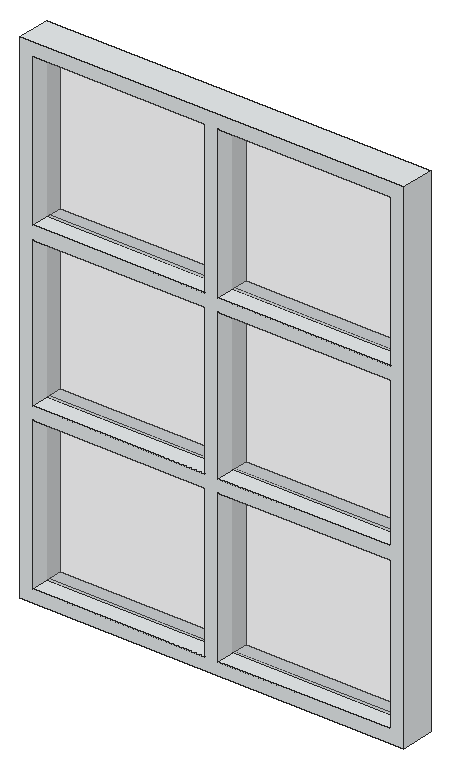
Revit family "Janela_Fachada_6Painel_Sime", category Windows, host Wall, Revit 2020
Family settings
  Host = Wall
  OmniClass Number = 23.30.20.00
  OmniClass Title = Windows
  Always vertical = Yes
  Cut with Voids When Loaded = No
  Shared = No
  Room Calculation Point = No
Parameters (values of type "JAN_FAC_6PA_SIM")
  Material_Vidro = CT_Vidros
  Material_Esquadria = CT_Esquadrias_Aluminio
  Height = 2.950 m
  Espess_Esquadria = 0.075 m
  Define Thermal Properties by = Schematic Type
  Default Sill Height = 0.800 m
  Wall Closure = By host
  Width = 2.250 m
  Analytic Construction = "<None>"
  Alt_Bandeira_Sup = 1.000 m
  Alt_Bandeira_Inf = 1.000 m
Reference planes (m)
  plane 1 "Center (Front/Back)": y = 0
  plane 2 "Center (Left/Right)": x = 0
  plane 3 "Left": x = -1.125
  plane 4 "Right": x = 1.125
  plane 5 "Sill": z = 0.8
  plane 6 "Head": z = 3.75
  plane 7 "Exterior": y = 0.1
  plane 8 "Interior": y = -0.1
  plane 9: z = 2.75
  plane 10: z = 1.8
Forms (m)
  Extrusion 1, solid, material "CT_Esquadrias_Aluminio" <- "Material_Esquadria"
    sketch origin (0, 0.1, 0) x (1, 0, 0) y (0, 0, 1)
      loop
        line (1.125, 3.75) -> (-1.125, 3.75) -> (-1.125, 0.8) -> (1.125, 0.8) -> (1.125, 3.75)
      loop
        line (1.05, 3.675) -> (0.0375, 3.675) -> (0.0375, 2.7875) -> (1.05, 2.7875) -> (1.05, 3.675)
      loop
        line (1.05, 0.875) -> (1.05, 1.7625) -> (0.0375, 1.7625) -> (0.0375, 0.875) -> (1.05, 0.875)
      loop
        line (-1.05, 0.875) -> (-0.0375, 0.875) -> (-0.0375, 1.7625) -> (-1.05, 1.7625) -> (-1.05, 0.875)
      loop
        line (-1.05, 3.675) -> (-1.05, 2.7875) -> (-0.0375, 2.7875) -> (-0.0375, 3.675) -> (-1.05, 3.675)
      loop
        line (-1.05, 2.7125) -> (-1.05, 1.8375) -> (-0.0375, 1.8375) -> (-0.0375, 2.7125) -> (-1.05, 2.7125)
      loop
        line (0.0375, 2.7125) -> (0.0375, 1.8375) -> (1.05, 1.8375) -> (1.05, 2.7125) -> (0.0375, 2.7125)
    from 0 to 0.2
  Extrusion 2, solid, material "CT_Vidros" <- "Material_Vidro"
    sketch origin (0, 0.1, 0) x (1, 0, 0) y (0, 0, 1)
      loop
        line (1.05, 3.675) -> (0.0375, 3.675) -> (0.0375, 2.7875) -> (1.05, 2.7875) -> (1.05, 3.675)
      loop
        line (-0.0375, 2.7875) -> (-0.0375, 3.675) -> (-1.05, 3.675) -> (-1.05, 2.7875) -> (-0.0375, 2.7875)
      loop
        line (-0.0375, 2.7125) -> (-1.05, 2.7125) -> (-1.05, 1.8375) -> (-0.0375, 1.8375) -> (-0.0375, 2.7125)
      loop
        line (1.05, 2.7125) -> (0.0375, 2.7125) -> (0.0375, 1.8375) -> (1.05, 1.8375) -> (1.05, 2.7125)
      loop
        line (1.05, 1.7625) -> (0.0375, 1.7625) -> (0.0375, 0.875) -> (1.05, 0.875) -> (1.05, 1.7625)
      loop
        line (-0.0375, 1.7625) -> (-1.05, 1.7625) -> (-1.05, 0.875) -> (-0.0375, 0.875) -> (-0.0375, 1.7625)
    from 0.081039 to 0.1
Lines and regions (m)
  Opening 1
    outline origin (3.5, -0.1, 0) x (1, 0, 0) y (0, 0, 1)
      loop
        line (-2.375, 0.8) -> (-2.375, 3.75) -> (-4.625, 3.75) -> (-4.625, 0.8) -> (-2.375, 0.8)
Text (m)
  text "EXTERIOR" at (-1.963203, 1.332353, 0), in view "Ref. Level"
  text "INTERIOR" at (-1.981466, -0.818386, 0), in view "Ref. Level"
  text "Exterior" at (0, 0.923751, 2.943296), in view "Right"
  text "Exterior" at (0, 1.040484, 2.685409), in view "Left"
Dimensions and locks (m)
  equal spacing: plane 3 "Left", plane 2 "Center (Left/Right)", plane 4 "Right"
  "Width": plane 3 "Left" to plane 4 "Right"
  "Height": plane 5 "Sill" to plane 6 "Head"
  "Default Sill Height": plane 5 "Sill" to level
  locked: plane 7 "Exterior" to host wall
  locked: plane 8 "Interior" to host wall
  "Alt_Bandeira_Sup": plane 9 to plane 6 "Head"
  "Alt_Bandeira_Inf": plane 5 "Sill" to plane 10
  Extrusion 1 to Extrusion 1 = 0.075 m
  equal spacing: Extrusion 1 sketch curve, plane 2 "Center (Left/Right)", Extrusion 1 sketch curve
  equal spacing: Extrusion 1 sketch curve, plane 9, Extrusion 1 sketch curve
  equal spacing: Extrusion 1 sketch curve, plane 10, Extrusion 1 sketch curve
  Extrusion 1 sketch curve to Extrusion 1 sketch curve = 0.075 m  (x2)
  "Espess_Esquadria": Extrusion 1 sketch curve to Extrusion 1 sketch curve  (x7)
  Extrusion 1 to Extrusion 2 = 0.100 m
  locked: Extrusion 2 to Extrusion 2 at 0.018961
  aligned and locked: Extrusion 1 sketch curve to Extrusion 1 sketch curve  (x14)
  aligned and locked: plane 3 "Left" to Extrusion 1
  aligned and locked: Extrusion 1 to plane 4 "Right"
  aligned and locked: Extrusion 2 sketch curve to Extrusion 1  (x24)
  aligned and locked: host wall to Extrusion 1  (x2)
  aligned and locked: Extrusion 2 to host wall
Automatic sketch dimensions
  Opening 1 sketch curve to plane 3 "Left" = 0.000 m
  Opening 1 sketch curve to plane 4 "Right" = 0.000 m
  Opening 1 sketch curve to plane 5 "Sill" = 0.000 m
  Opening 1 sketch curve to plane 6 "Head" = 0.000 m
  plane 9 to Extrusion 2 sketch curve = 0.0375 m
  Extrusion 1 sketch curve to plane 3 "Left" = 0.000 m
  Extrusion 1 sketch curve to plane 4 "Right" = 0.000 m
  Extrusion 1 sketch curve to plane 5 "Sill" = 0.000 m
  Extrusion 1 sketch curve to plane 6 "Head" = 0.000 m
